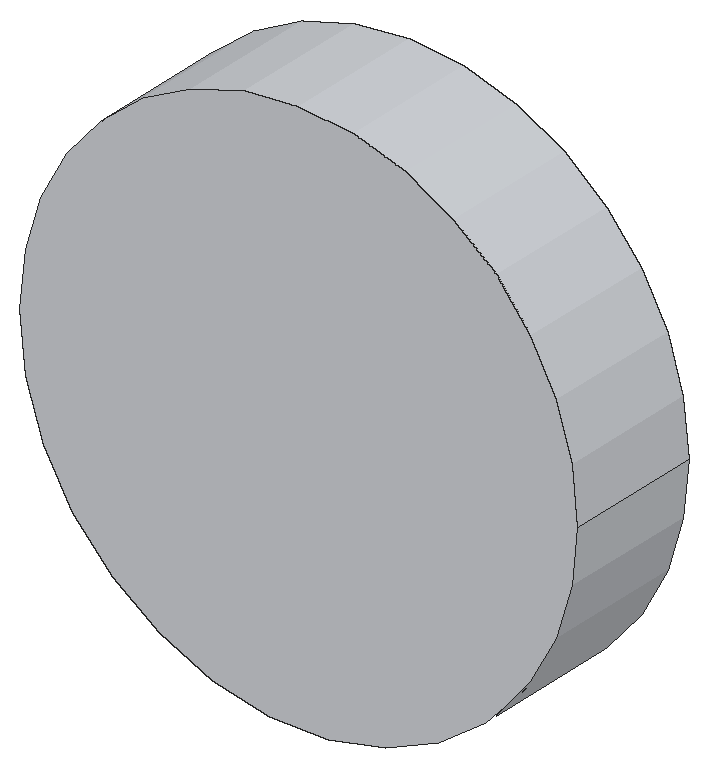
Revit family "Building-FlushMountingEnclosures-GEWISS-24SC-BOXES_ROUND", category Apparecchi elettrici, host Muro, Revit 2016
Family settings
  Host = Muro
  Mantenere orientamento annotazione = Sì
  Tipo di parte = Normale
  Quota connettore circolare = Usa diametro
  Numero OmniClass = 23.80.30.14.24
  Titolo OmniClass = Junction Boxes
  Sempre verticale = Sì
  Taglio con vuoti quando caricato = Sì
  Condiviso = Sì
  Punto di calcolo locali = Sì
Parameters (values of type "GW24210 - Round f.m.box D.85mm")
  Version file RFA = "19.0"
  URL = "https://www.gewiss.com/ww/en"
  Thermo-pressure with ball = "70 °C"
  Technical sheet = "https://www.gewiss.com/ww/en/search?q=GW24210"
  SEO = "Box"
  Realized by GEWISS S.p.A. = ""
  Profondità interna = Profondità - 5 mm  # 37 mm
  Profondità = 42 mm
  Produttore = "GEWISS S.p.A."
  Operating temperature = "-15 ÷ +60°C"
  Modello = "GW24210"
  Installation = "Flush mounting enclosures"
  Immagine tipo = GW24210.jpg
  IFC.TypeObject = ""
  IFC.ExportType = ""
  IFC.ExportAs = ""
  IDT = "e9e05727-a289-4381-9e61-a78239658332"
  IDF = "630946bf-62ab-4bbb-bc27-bc676e26c2fa"
  Glow Wire Test = "650°C"
  For walls = "Masonry"
  Electrocod = "0210"
  EAN code = "8011564016736"
  Dimensions (mm) = "Ø 85x42"
  Diametro interno = Diametro - 5 mm  # 80 mm
  Diametro = 85 mm
  Descrizione = "ROUND F.M.BOX D.85X42"
  Description: = "Cylindrical"
  Characteristics = "Halogen free"
  Catalogue Range = "24SC"
  Catalogue = "BUILDING"
  COBie.Tagnumber = ""
  COBie.CreatedOn = ""
  COBie.CreatebBy = ""
  COBie.ComponentRegisterItemID = ""
  COBie.Component.TagNumber = ""
  COBie.Component.Space = ""
  COBie.Component.SerialNumber = ""
  COBie.Component.InstallationDate = ""
  COBie.Component.Description = ""
  COBie.Component.BarCode = ""
Types (2, lengths in mm): name | Technical sheet | Profondità interna | Profondità | Modello | Immagine tipo | IDT | EAN code | Dimensions (mm) | Diametro interno | Diametro | Descrizione
  GW24209 - Round f.m.box D.65mm | "https://www.gewiss.com/ww/en/search?q=GW24209" | 33 | 38 | "GW24209" | GW24209.jpg | "47fc177b-a4be-4b77-b5e7-05035733f0df" | "8011564016712" | "Ø 65x38" | 60 | 65 | "ROUND F.M.BOX D.65X38"
  GW24210 - Round f.m.box D.85mm | "https://www.gewiss.com/ww/en/search?q=GW24210" | 37 | 42 | "GW24210" | GW24210.jpg | "e9e05727-a289-4381-9e61-a78239658332" | "8011564016736" | "Ø 85x42" | 80 | 85 | "ROUND F.M.BOX D.85X42"
Reference planes
  plane 1 "Muro": y = 0
  plane 2 "Centro (Sinistra/Destra)": x = 125
  plane 3 "Indietro": y = 75
  plane 4: y = 33
  plane 5: y = 38
Forms (mm)
  Extrusion 1, solid
    sketch origin (0, 0, 0) x (1, 0, 0) y (0, 0, 1)
      loop
        circle (125, 500) r 85
    from -75 to -33
  Extrusion 2, void
    sketch origin (0, 0, -2.615) x (1, 0, 0) y (0, 0, 1)
      loop
        circle (125, 502.615) r 80
    from -75 to -38
  Extrusion 3, void
    sketch origin (0, 0, 0) x (1, 0, 0) y (0, 0, 1)
      loop
        circle (125, 500) r 85
    from -75 to -33
Cuts and joins
  Extrusion 2 cuts Extrusion 1
Text (mm)
  text "Lato posizionamento" at (-1848.837, 1116.779, 0), in view "Livello rif."
  text "Lato posizionamento" at (0, 1409.804, 2854.306), in view "Sinistra"
  text "Lato posizionamento" at (0, 499.811, 2980.732), in view "Destra"
Dimensions and locks
  locked: plane 3 "Indietro" to host wall
  "Profondità": plane 3 "Indietro" to plane 4
  "Profondità interna": plane 3 "Indietro" to plane 5
  "Diametro": radius of Extrusion 1 sketch curve
  "Diametro interno": radius of Extrusion 2 sketch curve
  "Diametro": radius of Extrusion 3 sketch curve
  aligned and locked: plane 1 "Muro" to host wall
  aligned and locked: Extrusion 1 to plane 3 "Indietro"
  aligned and locked: Extrusion 2 to plane 3 "Indietro"
  aligned and locked: Extrusion 1 to plane 4
  aligned and locked: Extrusion 2 to plane 5
  aligned and locked: Extrusion 3 to plane 4
  aligned and locked: Extrusion 3 to plane 3 "Indietro"
Automatic sketch dimensions
  Extrusion 1 sketch curve to plane 2 "Centro (Sinistra/Destra)" = 0 mm
  level to Extrusion 1 sketch curve = 500 mm
  Extrusion 2 sketch curve to plane 2 "Centro (Sinistra/Destra)" = 0 mm
  level to Extrusion 2 sketch curve = 500 mm
  Extrusion 3 sketch curve to plane 2 "Centro (Sinistra/Destra)" = 0 mm
  level to Extrusion 3 sketch curve = 500 mm
